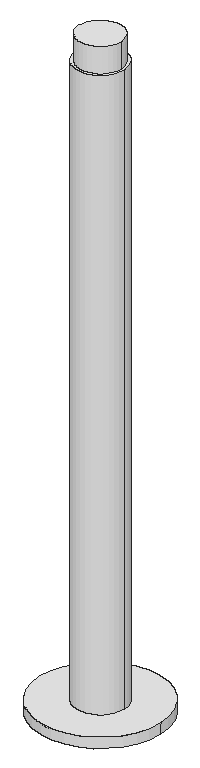
Revit family "CL10054-C_CLARK CEILING ARM 300MM", category Plumbing Fixtures, host Face, Revit 2015
Parameters (values of type "CLARK CEILING ARM 300MM")
  Waste Connection = no
  Vent Connection = no
  URL = "https://www.clark.com.au/"
  Model = "CL10054.C"
  Material_Base = GWA_Metal-Chrome
  Manufacturer = "GWA Bathrooms & Kitchens"  # constant formula
  HW Connection = no
  Description = "CLARK CEILING ARM 300MM"
  Default Elevation = 0 mm
  CreatedBy_ANZRS = "GWA Bathrooms & Kitchens"  # constant formula
  CW Connection = no
  Assembly Code = "D2010710"
Reference planes
  plane 1 "Center (Front/Back)": y = 0
  plane 2: z = 0
  plane 3 "Center (Left/Right)": x = 0
Forms (mm)
  Extrusion 1, solid, material "GWA_Metal-Chrome" <- "Material_Base"
    sketch origin (0, 0, 0) x (1, 0, 0) y (0, 1, 0)
      loop
        circle (0, 0) r 30
    from 0 to 5
  Extrusion 2, solid, material "GWA_Metal-Chrome" <- "Material_Base"
    sketch origin (0, 0, 0) x (1, 0, 0) y (0, 1, 0)
      loop
        circle (0, 0) r 12
    from 5 to 290.5
  Extrusion 3, solid, material "GWA_Metal-Chrome" <- "Material_Base"
    sketch origin (0, 0, 0) x (1, 0, 0) y (0, 1, 0)
      loop
        circle (0, 0) r 10.5
    from 290.5 to 302.5
Lines and regions (mm)
  Masking region 1
    outline origin (0, 0, 0) x (1, 0, 0) y (0, 0, 1)
      loop
        line (-30, 0) -> (30, 0) -> (30, 5) -> (12, 5) -> (12, 290.5) -> (10.5, 290.5) -> (10.5, 302.5) -> (-10.5, 302.5) -> (-10.5, 290.5) -> (-12, 290.5) -> (-12, 5) -> (-30, 5) -> (-30, 0)
  Masking region 2
    outline origin (0, 0, 0) x (0, 1, 0) y (0, 0, 1)
      loop
        line (-30, 0) -> (30, 0) -> (30, 5) -> (12, 5) -> (12, 290.5) -> (10.5, 290.5) -> (10.5, 302.5) -> (-10.5, 302.5) -> (-10.5, 290.5) -> (-12, 290.5) -> (-12, 5) -> (-30, 5) -> (-30, 0)
  Masking region 3
    outline origin (0, 0, 0) x (1, 0, 0) y (0, 1, 0)
      loop
        circle (0, 0) r 30
  symbolic lines
    curve 1: line (-12, 0, 5) -> (12, 0, 5)
    curve 2: line (-10.5, 0, 290.5) -> (10.5, 0, 290.5)
    curve 3: line (0, -12, 5) -> (0, 12, 5)
    curve 4: line (0, -10.5, 290.5) -> (0, 10.5, 290.5)
    curve 5: circle (0, 0, 0) r 12 normal (0, 0, 1)
    curve 6: circle (0, 0, 0) r 10.5 normal (0, 0, 1)
Dimensions and locks
  aligned and locked: plane 2 to host face
  aligned and locked: level to host face
